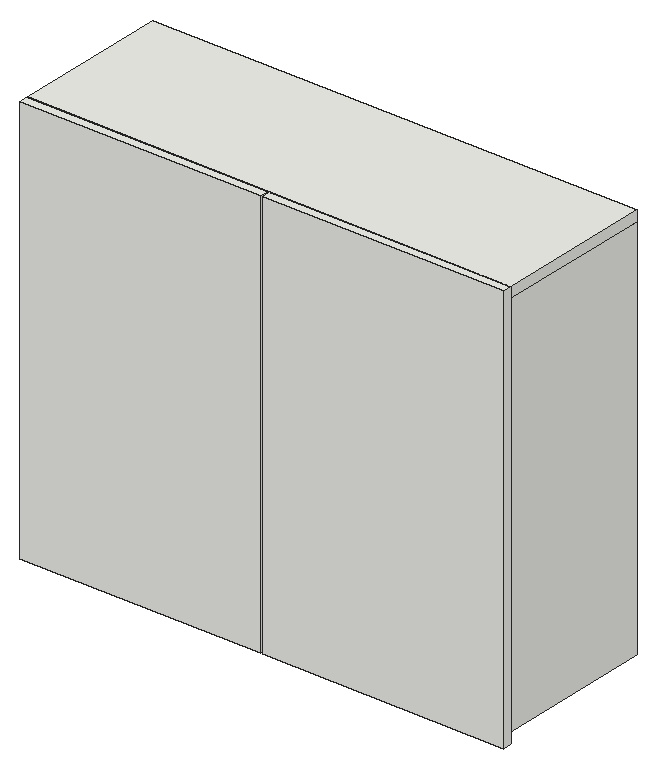
Revit family
Parameters (values of type "830x320x788-hi")
  폭 = 930 mm
  Assembly Code = ""
  높이 = 788 mm
  깊이 = 320 mm
  가구 재질 = 가구-하이그로시
Types (2, lengths in mm): name | 폭 | 높이
  830x320x788-hi | 930 | 788
  660x320x320-hi | 1150 | 320
Reference planes
  plane 1 "중심(앞/뒤)": y = 0
  plane 2: z = 0
  plane 3 "중심(왼쪽/오른쪽)": x = -10.6
  plane 4: x = -475.6
  plane 5: x = 454.4
  plane 6 "뒷면": y = 320
  plane 7: z = 788
  plane 8 "상판 하단": z = 768
  plane 9 "하판": z = 20
Forms (mm)
  Extrusion 1, solid, material "가구-하이그로시" <- "가구 재질"
    sketch origin (0, 0, 0) x (1, 0, 0) y (0, 1, 0)
      loop
        line (-475.6, 18) -> (-475.6, 0) -> (-12.1, 0) -> (-12.1, 18) -> (-475.6, 18)
      loop
        line (-9.1, 18) -> (-9.1, 0) -> (454.4, 0) -> (454.4, 18) -> (-9.1, 18)
    from 0 to 788
  Extrusion 2, solid, material "가구-하이그로시" <- "가구 재질"
    sketch origin (0, 0, 768) x (-1, 0, 0) y (0, -1, 0)
      loop
        line (475.6, -18) -> (-454.4, -18) -> (-454.4, -320) -> (475.6, -320) -> (475.6, -18)
    from 0 to 20
  Extrusion 3, solid, material "가구-하이그로시" <- "가구 재질"
    sketch origin (0, 0, 20) x (-1, 0, 0) y (0, -1, 0)
      loop
        line (475.6, -320) -> (475.6, -18) -> (457.6, -18) -> (457.6, -320) -> (475.6, -320)
      loop
        line (-436.4, -320) -> (-436.4, -18) -> (-454.4, -18) -> (-454.4, -320) -> (-436.4, -320)
    from 0 to 748
  Extrusion 4, solid, material "가구-하이그로시" <- "가구 재질"
    sketch origin (0, 0, 20) x (-1, 0, 0) y (0, -1, 0)
      loop
        line (457.6, -320) -> (457.6, -18) -> (-436.4, -18) -> (-436.4, -320) -> (457.6, -320)
    from 0 to 20
  Extrusion 5, solid
    sketch origin (0, 320, 0) x (-1, 0, 0) y (0, 0, 1)
      loop
        line (-436.4, 768) -> (-436.4, 40) -> (457.6, 40) -> (457.6, 768) -> (-436.4, 768)
    from -20 to 0
Lines and regions (mm)
  reference lines
    curve 1: line (-12.1, 252.41, 0) -> (-12.1, -147.59, 0)
    curve 2: line (-9.1, -177.488, 0) -> (-9.1, 252.41, 0)
  symbolic lines, style "점선"
    curve 3: line (-475.6, 320, 0) -> (454.4, 320, 0)
    curve 4: line (-475.6, 0, 0) -> (-475.6, 320, 0)
    curve 5: line (454.4, 0, 0) -> (-475.6, 0, 0)
    curve 6: line (454.4, 320, 0) -> (454.4, 0, 0)
Dimensions and locks
  equal spacing: plane 4, plane 3 "중심(왼쪽/오른쪽)", plane 5
  "폭": plane 4 to plane 5
  "깊이": plane 6 "뒷면" to plane 1 "중심(앞/뒤)"
  "높이": plane 7 to level
  locked: plane 3 "중심(왼쪽/오른쪽)" to curve 2 at 1.5
  locked: curve 1 to plane 3 "중심(왼쪽/오른쪽)" at 1.5
  locked: Extrusion 1 sketch curve to Extrusion 1 sketch curve at 18  (x2)
  plane 7 to plane 8 "상판 하단" = 20 mm
  locked: Extrusion 2 to Extrusion 3 sketch curve at 18
  locked: Extrusion 3 sketch curve to Extrusion 2 at 18
  plane 9 "하판" to level = 20 mm
  aligned and locked: Extrusion 1 sketch curve to plane 1 "중심(앞/뒤)"  (x2)
  aligned and locked: plane 5 to Extrusion 1 sketch curve
  aligned and locked: curve 2 to Extrusion 1 sketch curve
  aligned and locked: curve 1 to Extrusion 1 sketch curve
  aligned and locked: Extrusion 1 sketch curve to plane 4
  aligned and locked: Extrusion 1 to plane 7
  aligned and locked: plane 6 "뒷면" to Extrusion 2 sketch curve
  aligned and locked: Extrusion 2 sketch curve to plane 5
  aligned and locked: plane 4 to Extrusion 2 sketch curve
  aligned and locked: Extrusion 2 sketch curve to Extrusion 1
  aligned and locked: Extrusion 2 to plane 7
  aligned and locked: Extrusion 3 sketch curve to plane 4
  aligned and locked: Extrusion 3 sketch curve to Extrusion 2  (x3)
  aligned and locked: plane 5 to Extrusion 3 sketch curve
  aligned and locked: Extrusion 3 sketch curve to plane 6 "뒷면"
  aligned and locked: plane 8 "상판 하단" to Extrusion 3
  aligned and locked: Extrusion 4 sketch curve to plane 6 "뒷면"
  aligned and locked: Extrusion 4 sketch curve to Extrusion 3
  aligned and locked: Extrusion 3 to Extrusion 4 sketch curve
  aligned and locked: Extrusion 4 sketch curve to Extrusion 2
  aligned and locked: Extrusion 2 to Extrusion 5 sketch curve
  aligned and locked: Extrusion 5 sketch curve to Extrusion 3
  aligned and locked: Extrusion 5 sketch curve to Extrusion 4
  aligned and locked: Extrusion 3 to Extrusion 5 sketch curve
Automatic sketch dimensions
  plane 1 "중심(앞/뒤)" to curve 2 = 177.488 mm
  curve 2 to curve 1 = 29.898 mm
  curve 2 to plane 6 "뒷면" = 67.59 mm
  curve 1 to curve 2 = 0 mm
  curve 5 to plane 1 "중심(앞/뒤)" = 0 mm
  curve 5 to plane 4 = 0 mm
  curve 5 to plane 5 = 0 mm
  curve 4 to plane 6 "뒷면" = 0 mm
